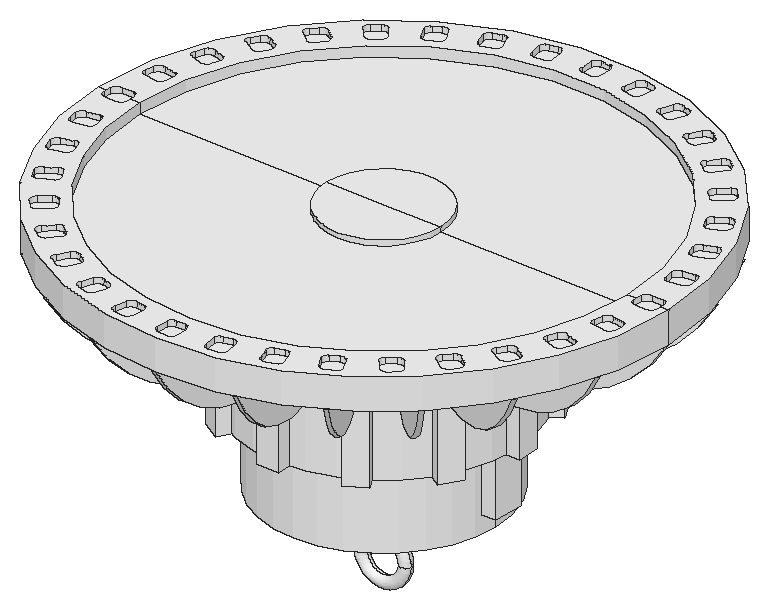
Revit family "CRB", category Lighting Fixtures, host Face, Revit 2014
Parameters (values of type "CRB-40MX")
  Product Category = "High Bay/Low Bay"  # constant formula
  Surface Width [instance] = 3.65"
  Warranty = "5-Years Warranty"  # constant formula
  Voltage = 120 V
  Type Comments = "Lighting Fixture"  # constant formula
  Product Page URL = "https://www.hubbell.com/hubbelllightingci/en/Products/Lighting-Controls/Industrial-Lighting/Bay-Lighting/CRB-Wet-Location-High-Bay/p/7977349"
  Product Documentation Link = "https://hubbellcdn.com/specsheet/COL_CRB_spec.pdf"
  Power Factor = 1
  Photometric Notes = "More IES files download on Photometric Link"  # constant formula
  Photometric Link = "https://www.hubbell.com/hubbelllightingci/en/Products/Lighting-Controls/Industrial-Lighting/Bay-Lighting/CRB-Wet-Location-High-Bay/p/7977349#prod-photometry-section"
  Wattage Comments = ""
  URL = "https://www.hubbell.com/hubbelllightingci/en"
  Mounting = "Pendant/Yoke Mount/ Suspended"  # constant formula
  Model = "Wer Location High Bay"  # constant formula
  Manufacturer = "Hubbell Industrial Lighting"  # constant formula
  MX = yes
  MV = no
  Load Classification = Lighting
  Lamp = "LED"  # constant formula
  LX = no
  LED = Hubbell - LED - Material
  Glass = Glass - Hubbell - White(1)
  Features = "• Compact wet location high bay\r\n• IP66 rated\r\n• Efficacy up to 143 lumens per watt\r\n• Durable die-cast aluminum housing and polycarbonate lens\r\n• Lumen packages from 14,000–34,000\r\n• 4000K and 5000K options and 80 CRI\r\n• -30°C to 50°C ambient operating temperature range"  # constant formula
  Dimming Protocol = "0-10V"  # constant formula
  Dia = 14.00"
  Description = "The CRB is a compact wet location high bay suitable for a variety of areas including warehouses, gyms, covered outdoor areas, garden centers, and mezzanines."  # constant formula
  Default Elevation = 48.00"
  Copyright = "Copyright © 2021 Hubbell Lighting "  # constant formula
  Controls = "Occupancy & Photocell"  # constant formula
  Contact Us = "https://www.hubbell.com/hubbelllightingci/en/contactUs"
  Color Rendering Inde (CRI) = "80"  # constant formula
  Certification = "All luminaires are built to UL1598 standards, and bear appropriate\r\ncULus labels for wet location/IP65"  # constant formula
  Housing Material = Paint - Hubbell - White
  Assembly Code = "D5020200"
  Application = "Industrial/Warehouse/Mezzanine/Garden Center/Big Box Retail/Auditorium/Gymnasium"  # constant formula
  Apparent Load = 0 VA
Reference planes (in)
  plane 1 "Center (Front/Back)": y = 8.62124
  plane 2: z = 0
  plane 3 "Center (Left/Right)": x = 0
  plane 4: z = 8.54
  plane 5: x = -7
  plane 6: x = 7
  plane 7: y = 1.62124
  plane 8: y = 15.62124
Dimensions and locks (in)
  plane 4 to plane 2 = 8.54"
  "Dia": plane 6 to plane 5
  equal spacing: plane 6, plane 3 "Center (Left/Right)", plane 5
  equal spacing: plane 8, plane 1 "Center (Front/Back)", plane 7
  "Dia": plane 8 to plane 7
  aligned and locked: plane 2 to host face
  aligned and locked: level to host face
  aligned and locked: plane 3 "Center (Left/Right)" to nested 1
  aligned and locked: plane 1 "Center (Front/Back)" to nested 1
  aligned and locked: plane 1 "Center (Front/Back)" to nested 2
  aligned and locked: plane 3 "Center (Left/Right)" to nested 3
  aligned and locked: plane 1 "Center (Front/Back)" to nested 3
Automatic sketch dimensions
  host sketch curve to host sketch curve = 96.00"  (x2)
Nested families (in)
  nested 1: "MX" at (0, 8.62124, 0), visible <- "MX", type "MX1"
  nested 2: "MV" at (-0.01736, 8.62124, 0), visible <- "MV", type "MV1"
  nested 3: "LX" at (0, 8.62124, -0.75), visible <- "LX", type "LX1"
Connectors (in)
  electrical at (-0.0111, 8.64272, 2.27766), driven by "Power Factor", driven by "Apparent Load", driven by "Voltage", driven by "Load Classification"
    settings: on nested 1, index 1, voltage 120 V, apparent load 0 VA, apparent load phase1 0 VA, apparent load phase2 0 VA, apparent load phase3 0 VA, power factor 1, load classification "Lighting", number of poles 1, system type 30, power factor state 1, is connector primary yes, connector utility no, sub classification motor no, connector description "Lighting Connector"
Definition of nested family "MX"
  Parameters (values of type "Family1")
    Wattage = 9.2903 W
    built-in parameter 1150110 = 1 (stored number, unit not read)
    built-in parameter 1114217 = 1 (stored number, unit not read)
    Tilt Angle = -90.00°
    built-in parameter 1150109 = 1 (stored number, unit not read)
    built-in parameter 1150134 = 3
    built-in parameter 1150113 = 1 (stored number, unit not read)
    Photometric Web File = "CRB-40MX-EDU.ies"
    built-in parameter 1150105 = 109.82 (stored number, unit not read)
    Lumens = 1380 lm
    built-in parameter 1150115 = 1 (stored number, unit not read)
    built-in parameter 1150137 = (empty or 0)
    built-in parameter 1150139 = (empty or 0)
    built-in parameter 1150112 = 1 (stored number, unit not read)
    built-in parameter 1150114 = 1 (stored number, unit not read)
    built-in parameter 1150132 = (empty or 0)
    built-in parameter 1150102 = (empty or 0)
    built-in parameter 1150107 = 3200 (stored number, unit not read)
    built-in parameter 1150138 = (empty or 0)
    built-in parameter 1150106 = 1.0982 (stored number, unit not read)
    Housing Material = Paint - Hubbell - White
    built-in parameter 1150104 = 13.8 (stored number, unit not read)
    Dimming Lamp Color Temperature Shift = (empty or 0)
    Color Filter = 16777215
    built-in parameter 1114218 = 1 (stored number, unit not read)
    built-in parameter 1150133 = 10 (stored number, unit not read)
  Reference planes (in)
    plane 1 "Center (Front/Back)": y = 0
    plane 2: z = 0
    plane 3 "Center (Left/Right)": x = 0
  Forms (in)
    Revolve 1, solid, material "Paint - Hubbell - White" <- "Housing Material"
      sketch origin (-0.0111, -8.59976, 0.66852) x (1, 0, 0) y (0, 1, 0)
        loop
          circle (0.54012, 8.62124) r 0.1406
        axis (0, 8.62124) -> (0, 8.58187)
      angle from 0 to 360
    Revolve 2, solid, material "Paint - Hubbell - White" <- "Housing Material"
      sketch origin (-0.0111, 0.02148, 0) x (1, 0, 0) y (0, 0, 1)
        loop
          line (0, 7.79) -> (7, 7.79) -> (7, 8.54) -> (6, 8.54) -> (6, 8.29) -> (1.40117, 8.29) -> (1.40117, 8.41275) -> (0, 8.41275) -> (0, 8.29) -> (0, 7.79)
        axis (0, 8.54) -> (0, 7.79)
      angle from 0 to 360
    Extrusion 3, solid, material "Paint - Hubbell - White" <- "Housing Material"
      sketch origin (-0.0111, -8.59976, 0) x (0, 1, 0) y (0, 0, 1)
        loop
          line (5.49624, 7.29) -> (5.4141, 7.29)
          arc (5.4141, 7.29) -> (3.9671, 7.41595) -> (2.56362, 7.79) r 8.37521
          line (2.56362, 7.79) -> (1.62124, 7.79)
          arc (1.62124, 7.79) -> (3.272, 6.27813) -> (5.49624, 6.0261) r 3.61991
          line (5.49624, 6.0261) -> (5.49624, 7.29)
      from -0.1 to 0
    Extrusion 4, solid, material "Paint - Hubbell - White" <- "Housing Material"
      sketch origin (2.22024, -8.306, 0) x (-0.258819, 0.965926, 0) y (0, 0, 1)
        loop
          line (5.49624, 7.29) -> (5.4141, 7.29)
          arc (5.4141, 7.29) -> (3.9671, 7.41595) -> (2.56362, 7.79) r 8.37521
          line (2.56362, 7.79) -> (1.62124, 7.79)
          arc (1.62124, 7.79) -> (3.272, 6.27813) -> (5.49624, 6.0261) r 3.61991
          line (5.49624, 6.0261) -> (5.49624, 7.29)
      from -0.1 to 0
    Extrusion 5, solid, material "Paint - Hubbell - White" <- "Housing Material"
      sketch origin (4.29952, -7.44473, 0) x (-0.5, 0.866025, 0) y (0, 0, 1)
        loop
          line (5.49624, 7.29) -> (5.4141, 7.29)
          arc (5.4141, 7.29) -> (3.9671, 7.41595) -> (2.56362, 7.79) r 8.37521
          line (2.56362, 7.79) -> (1.62124, 7.79)
          arc (1.62124, 7.79) -> (3.272, 6.27813) -> (5.49624, 6.0261) r 3.61991
          line (5.49624, 6.0261) -> (5.49624, 7.29)
      from -0.1 to 0
    Extrusion 6, solid, material "Paint - Hubbell - White" <- "Housing Material"
      sketch origin (6.08504, -6.07466, 0) x (-0.707107, 0.707107, 0) y (0, 0, 1)
        loop
          line (5.49624, 7.29) -> (5.4141, 7.29)
          arc (5.4141, 7.29) -> (3.9671, 7.41595) -> (2.56362, 7.79) r 8.37521
          line (2.56362, 7.79) -> (1.62124, 7.79)
          arc (1.62124, 7.79) -> (3.272, 6.27813) -> (5.49624, 6.0261) r 3.61991
          line (5.49624, 6.0261) -> (5.49624, 7.29)
      from -0.1 to 0
    Extrusion 7, solid, material "Paint - Hubbell - White" <- "Housing Material"
      sketch origin (6.08504, -6.07466, 0) x (-0.707107, 0.707107, 0) y (0, 0, 1)
        loop
          line (5.49624, 7.29) -> (5.4141, 7.29)
          arc (5.4141, 7.29) -> (3.9671, 7.41595) -> (2.56362, 7.79) r 8.37521
          line (2.56362, 7.79) -> (1.62124, 7.79)
          arc (1.62124, 7.79) -> (3.272, 6.27813) -> (5.49624, 6.0261) r 3.61991
          line (5.49624, 6.0261) -> (5.49624, 7.29)
      from -0.1 to 0
    Extrusion 8, solid, material "Paint - Hubbell - White" <- "Housing Material"
      sketch origin (7.45511, -4.28914, 0) x (-0.866025, 0.5, 0) y (0, 0, 1)
        loop
          line (5.49624, 7.29) -> (5.4141, 7.29)
          arc (5.4141, 7.29) -> (3.9671, 7.41595) -> (2.56362, 7.79) r 8.37521
          line (2.56362, 7.79) -> (1.62124, 7.79)
          arc (1.62124, 7.79) -> (3.272, 6.27813) -> (5.49624, 6.0261) r 3.61991
          line (5.49624, 6.0261) -> (5.49624, 7.29)
      from -0.1 to 0
    Extrusion 9, solid, material "Paint - Hubbell - White" <- "Housing Material"
      sketch origin (8.31638, -2.20986, 0) x (-0.965926, 0.258819, 0) y (0, 0, 1)
        loop
          line (5.49624, 7.29) -> (5.4141, 7.29)
          arc (5.4141, 7.29) -> (3.9671, 7.41595) -> (2.56362, 7.79) r 8.37521
          line (2.56362, 7.79) -> (1.62124, 7.79)
          arc (1.62124, 7.79) -> (3.272, 6.27813) -> (5.49624, 6.0261) r 3.61991
          line (5.49624, 6.0261) -> (5.49624, 7.29)
      from -0.1 to 0
    Extrusion 10, solid, material "Paint - Hubbell - White" <- "Housing Material"
      sketch origin (8.61014, 0.02148, 0) x (-1, 0, 0) y (0, 0, 1)
        loop
          line (5.49624, 7.29) -> (5.4141, 7.29)
          arc (5.4141, 7.29) -> (3.9671, 7.41595) -> (2.56362, 7.79) r 8.37521
          line (2.56362, 7.79) -> (1.62124, 7.79)
          arc (1.62124, 7.79) -> (3.272, 6.27813) -> (5.49624, 6.0261) r 3.61991
          line (5.49624, 6.0261) -> (5.49624, 7.29)
      from -0.1 to 0
    Extrusion 11, solid, material "Paint - Hubbell - White" <- "Housing Material"
      sketch origin (8.61014, 0.02148, 0) x (-1, 0, 0) y (0, 0, 1)
        loop
          line (5.49624, 7.29) -> (5.4141, 7.29)
          arc (5.4141, 7.29) -> (3.9671, 7.41595) -> (2.56362, 7.79) r 8.37521
          line (2.56362, 7.79) -> (1.62124, 7.79)
          arc (1.62124, 7.79) -> (3.272, 6.27813) -> (5.49624, 6.0261) r 3.61991
          line (5.49624, 6.0261) -> (5.49624, 7.29)
      from -0.1 to 0
    Extrusion 12, solid, material "Paint - Hubbell - White" <- "Housing Material"
      sketch origin (8.31638, 2.25282, 0) x (-0.965926, -0.258819, 0) y (0, 0, 1)
        loop
          line (5.49624, 7.29) -> (5.4141, 7.29)
          arc (5.4141, 7.29) -> (3.9671, 7.41595) -> (2.56362, 7.79) r 8.37521
          line (2.56362, 7.79) -> (1.62124, 7.79)
          arc (1.62124, 7.79) -> (3.272, 6.27813) -> (5.49624, 6.0261) r 3.61991
          line (5.49624, 6.0261) -> (5.49624, 7.29)
      from -0.1 to 0
    Extrusion 13, solid, material "Paint - Hubbell - White" <- "Housing Material"
      sketch origin (7.45511, 4.3321, 0) x (-0.866025, -0.5, 0) y (0, 0, 1)
        loop
          line (5.49624, 7.29) -> (5.4141, 7.29)
          arc (5.4141, 7.29) -> (3.9671, 7.41595) -> (2.56362, 7.79) r 8.37521
          line (2.56362, 7.79) -> (1.62124, 7.79)
          arc (1.62124, 7.79) -> (3.272, 6.27813) -> (5.49624, 6.0261) r 3.61991
          line (5.49624, 6.0261) -> (5.49624, 7.29)
      from -0.1 to 0
    Extrusion 14, solid, material "Paint - Hubbell - White" <- "Housing Material"
      sketch origin (6.08504, 6.11761, 0) x (-0.707107, -0.707107, 0) y (0, 0, 1)
        loop
          line (5.49624, 7.29) -> (5.4141, 7.29)
          arc (5.4141, 7.29) -> (3.9671, 7.41595) -> (2.56362, 7.79) r 8.37521
          line (2.56362, 7.79) -> (1.62124, 7.79)
          arc (1.62124, 7.79) -> (3.272, 6.27813) -> (5.49624, 6.0261) r 3.61991
          line (5.49624, 6.0261) -> (5.49624, 7.29)
      from -0.1 to 0
    Extrusion 15, solid, material "Paint - Hubbell - White" <- "Housing Material"
      sketch origin (6.08504, 6.11761, 0) x (-0.707107, -0.707107, 0) y (0, 0, 1)
        loop
          line (5.49624, 7.29) -> (5.4141, 7.29)
          arc (5.4141, 7.29) -> (3.9671, 7.41595) -> (2.56362, 7.79) r 8.37521
          line (2.56362, 7.79) -> (1.62124, 7.79)
          arc (1.62124, 7.79) -> (3.272, 6.27813) -> (5.49624, 6.0261) r 3.61991
          line (5.49624, 6.0261) -> (5.49624, 7.29)
      from -0.1 to 0
    Extrusion 16, solid, material "Paint - Hubbell - White" <- "Housing Material"
      sketch origin (4.29952, 7.48769, 0) x (-0.5, -0.866025, 0) y (0, 0, 1)
        loop
          line (5.49624, 7.29) -> (5.4141, 7.29)
          arc (5.4141, 7.29) -> (3.9671, 7.41595) -> (2.56362, 7.79) r 8.37521
          line (2.56362, 7.79) -> (1.62124, 7.79)
          arc (1.62124, 7.79) -> (3.272, 6.27813) -> (5.49624, 6.0261) r 3.61991
          line (5.49624, 6.0261) -> (5.49624, 7.29)
      from -0.1 to 0
    Extrusion 17, solid, material "Paint - Hubbell - White" <- "Housing Material"
      sketch origin (2.22024, 8.34895, 0) x (-0.258819, -0.965926, 0) y (0, 0, 1)
        loop
          line (5.49624, 7.29) -> (5.4141, 7.29)
          arc (5.4141, 7.29) -> (3.9671, 7.41595) -> (2.56362, 7.79) r 8.37521
          line (2.56362, 7.79) -> (1.62124, 7.79)
          arc (1.62124, 7.79) -> (3.272, 6.27813) -> (5.49624, 6.0261) r 3.61991
          line (5.49624, 6.0261) -> (5.49624, 7.29)
      from -0.1 to 0
    Extrusion 18, solid, material "Paint - Hubbell - White" <- "Housing Material"
      sketch origin (-0.0111, 8.64272, 0) x (0, -1, 0) y (0, 0, 1)
        loop
          line (5.49624, 7.29) -> (5.4141, 7.29)
          arc (5.4141, 7.29) -> (3.9671, 7.41595) -> (2.56362, 7.79) r 8.37521
          line (2.56362, 7.79) -> (1.62124, 7.79)
          arc (1.62124, 7.79) -> (3.272, 6.27813) -> (5.49624, 6.0261) r 3.61991
          line (5.49624, 6.0261) -> (5.49624, 7.29)
      from -0.1 to 0
    Extrusion 19, solid, material "Paint - Hubbell - White" <- "Housing Material"
      sketch origin (-2.24244, -8.306, 0) x (0.258819, 0.965926, 0) y (0, 0, -1)
        loop
          line (5.49624, -7.29) -> (5.49624, -6.0261)
          arc (5.49624, -6.0261) -> (3.272, -6.27813) -> (1.62124, -7.79) r 3.61991
          line (1.62124, -7.79) -> (2.56362, -7.79)
          arc (2.56362, -7.79) -> (3.9671, -7.41595) -> (5.4141, -7.29) r 8.37521
          line (5.4141, -7.29) -> (5.49624, -7.29)
      from -0.1 to 0
    Extrusion 20, solid, material "Paint - Hubbell - White" <- "Housing Material"
      sketch origin (-4.32172, -7.44473, 0) x (0.5, 0.866025, 0) y (0, 0, -1)
        loop
          line (5.49624, -7.29) -> (5.49624, -6.0261)
          arc (5.49624, -6.0261) -> (3.272, -6.27813) -> (1.62124, -7.79) r 3.61991
          line (1.62124, -7.79) -> (2.56362, -7.79)
          arc (2.56362, -7.79) -> (3.9671, -7.41595) -> (5.4141, -7.29) r 8.37521
          line (5.4141, -7.29) -> (5.49624, -7.29)
      from -0.1 to 0
    Extrusion 21, solid, material "Paint - Hubbell - White" <- "Housing Material"
      sketch origin (-6.10723, -6.07466, 0) x (0.707107, 0.707107, 0) y (0, 0, -1)
        loop
          line (5.49624, -7.29) -> (5.49624, -6.0261)
          arc (5.49624, -6.0261) -> (3.272, -6.27813) -> (1.62124, -7.79) r 3.61991
          line (1.62124, -7.79) -> (2.56362, -7.79)
          arc (2.56362, -7.79) -> (3.9671, -7.41595) -> (5.4141, -7.29) r 8.37521
          line (5.4141, -7.29) -> (5.49624, -7.29)
      from -0.1 to 0
    Extrusion 22, solid, material "Paint - Hubbell - White" <- "Housing Material"
      sketch origin (-6.10723, -6.07466, 0) x (0.707107, 0.707107, 0) y (0, 0, -1)
        loop
          line (5.49624, -7.29) -> (5.49624, -6.0261)
          arc (5.49624, -6.0261) -> (3.272, -6.27813) -> (1.62124, -7.79) r 3.61991
          line (1.62124, -7.79) -> (2.56362, -7.79)
          arc (2.56362, -7.79) -> (3.9671, -7.41595) -> (5.4141, -7.29) r 8.37521
          line (5.4141, -7.29) -> (5.49624, -7.29)
      from -0.1 to 0
    Extrusion 23, solid, material "Paint - Hubbell - White" <- "Housing Material"
      sketch origin (-7.47731, -4.28914, 0) x (0.866025, 0.5, 0) y (0, 0, -1)
        loop
          line (5.49624, -7.29) -> (5.49624, -6.0261)
          arc (5.49624, -6.0261) -> (3.272, -6.27813) -> (1.62124, -7.79) r 3.61991
          line (1.62124, -7.79) -> (2.56362, -7.79)
          arc (2.56362, -7.79) -> (3.9671, -7.41595) -> (5.4141, -7.29) r 8.37521
          line (5.4141, -7.29) -> (5.49624, -7.29)
      from -0.1 to 0
    Extrusion 24, solid, material "Paint - Hubbell - White" <- "Housing Material"
      sketch origin (-8.33857, -2.20986, 0) x (0.965926, 0.258819, 0) y (0, 0, -1)
        loop
          line (5.49624, -7.29) -> (5.49624, -6.0261)
          arc (5.49624, -6.0261) -> (3.272, -6.27813) -> (1.62124, -7.79) r 3.61991
          line (1.62124, -7.79) -> (2.56362, -7.79)
          arc (2.56362, -7.79) -> (3.9671, -7.41595) -> (5.4141, -7.29) r 8.37521
          line (5.4141, -7.29) -> (5.49624, -7.29)
      from -0.1 to 0
    Extrusion 25, solid, material "Paint - Hubbell - White" <- "Housing Material"
      sketch origin (-8.63233, 0.02148, 0) x (1, 0, 0) y (0, 0, -1)
        loop
          line (5.49624, -7.29) -> (5.49624, -6.0261)
          arc (5.49624, -6.0261) -> (3.272, -6.27813) -> (1.62124, -7.79) r 3.61991
          line (1.62124, -7.79) -> (2.56362, -7.79)
          arc (2.56362, -7.79) -> (3.9671, -7.41595) -> (5.4141, -7.29) r 8.37521
          line (5.4141, -7.29) -> (5.49624, -7.29)
      from -0.1 to 0
    Extrusion 26, solid, material "Paint - Hubbell - White" <- "Housing Material"
      sketch origin (-8.63233, 0.02148, 0) x (1, 0, 0) y (0, 0, -1)
        loop
          line (5.49624, -7.29) -> (5.49624, -6.0261)
          arc (5.49624, -6.0261) -> (3.272, -6.27813) -> (1.62124, -7.79) r 3.61991
          line (1.62124, -7.79) -> (2.56362, -7.79)
          arc (2.56362, -7.79) -> (3.9671, -7.41595) -> (5.4141, -7.29) r 8.37521
          line (5.4141, -7.29) -> (5.49624, -7.29)
      from -0.1 to 0
    Extrusion 27, solid, material "Paint - Hubbell - White" <- "Housing Material"
      sketch origin (-8.33857, 2.25282, 0) x (0.965926, -0.258819, 0) y (0, 0, -1)
        loop
          line (5.49624, -7.29) -> (5.49624, -6.0261)
          arc (5.49624, -6.0261) -> (3.272, -6.27813) -> (1.62124, -7.79) r 3.61991
          line (1.62124, -7.79) -> (2.56362, -7.79)
          arc (2.56362, -7.79) -> (3.9671, -7.41595) -> (5.4141, -7.29) r 8.37521
          line (5.4141, -7.29) -> (5.49624, -7.29)
      from -0.1 to 0
    Extrusion 28, solid, material "Paint - Hubbell - White" <- "Housing Material"
      sketch origin (-7.47731, 4.3321, 0) x (0.866025, -0.5, 0) y (0, 0, -1)
        loop
          line (5.49624, -7.29) -> (5.49624, -6.0261)
          arc (5.49624, -6.0261) -> (3.272, -6.27813) -> (1.62124, -7.79) r 3.61991
          line (1.62124, -7.79) -> (2.56362, -7.79)
          arc (2.56362, -7.79) -> (3.9671, -7.41595) -> (5.4141, -7.29) r 8.37521
          line (5.4141, -7.29) -> (5.49624, -7.29)
      from -0.1 to 0
    Extrusion 29, solid, material "Paint - Hubbell - White" <- "Housing Material"
      sketch origin (-6.10723, 6.11761, 0) x (0.707107, -0.707107, 0) y (0, 0, -1)
        loop
          line (5.49624, -7.29) -> (5.49624, -6.0261)
          arc (5.49624, -6.0261) -> (3.272, -6.27813) -> (1.62124, -7.79) r 3.61991
          line (1.62124, -7.79) -> (2.56362, -7.79)
          arc (2.56362, -7.79) -> (3.9671, -7.41595) -> (5.4141, -7.29) r 8.37521
          line (5.4141, -7.29) -> (5.49624, -7.29)
      from -0.1 to 0
    Extrusion 30, solid, material "Paint - Hubbell - White" <- "Housing Material"
      sketch origin (-6.10723, 6.11761, 0) x (0.707107, -0.707107, 0) y (0, 0, -1)
        loop
          line (5.49624, -7.29) -> (5.49624, -6.0261)
          arc (5.49624, -6.0261) -> (3.272, -6.27813) -> (1.62124, -7.79) r 3.61991
          line (1.62124, -7.79) -> (2.56362, -7.79)
          arc (2.56362, -7.79) -> (3.9671, -7.41595) -> (5.4141, -7.29) r 8.37521
          line (5.4141, -7.29) -> (5.49624, -7.29)
      from -0.1 to 0
    Extrusion 31, solid, material "Paint - Hubbell - White" <- "Housing Material"
      sketch origin (-4.32172, 7.48769, 0) x (0.5, -0.866025, 0) y (0, 0, -1)
        loop
          line (5.49624, -7.29) -> (5.49624, -6.0261)
          arc (5.49624, -6.0261) -> (3.272, -6.27813) -> (1.62124, -7.79) r 3.61991
          line (1.62124, -7.79) -> (2.56362, -7.79)
          arc (2.56362, -7.79) -> (3.9671, -7.41595) -> (5.4141, -7.29) r 8.37521
          line (5.4141, -7.29) -> (5.49624, -7.29)
      from -0.1 to 0
    Extrusion 32, solid, material "Paint - Hubbell - White" <- "Housing Material"
      sketch origin (-2.24244, 8.34895, 0) x (0.258819, -0.965926, 0) y (0, 0, -1)
        loop
          line (5.49624, -7.29) -> (5.49624, -6.0261)
          arc (5.49624, -6.0261) -> (3.272, -6.27813) -> (1.62124, -7.79) r 3.61991
          line (1.62124, -7.79) -> (2.56362, -7.79)
          arc (2.56362, -7.79) -> (3.9671, -7.41595) -> (5.4141, -7.29) r 8.37521
          line (5.4141, -7.29) -> (5.49624, -7.29)
      from -0.1 to 0
    Revolve 33, solid, material "Paint - Hubbell - White" <- "Housing Material"
      sketch origin (-0.0111, 0.02148, 0) x (1, 0, 0) y (0, 0, 1)
        loop
          line (0, 1.06954) -> (0.23886, 1.06954) -> (0.5, 1.52186) -> (0.5, 2.27766) -> (2.75, 2.27766) -> (2.75, 4.16254) -> (3.25, 4.16254) -> (3.25, 7.75) -> (0, 7.75) -> (0, 1.06954)
        axis (0, 7.75) -> (0, 1.06954)
      angle from 0 to 360
    Extrusion 34, void
      sketch origin (-0.0111, -8.59976, 0) x (1, 0, 0) y (0, 1, 0)
        loop
          arc (-0.12065, 2.39636) -> (-0.21391, 2.35773) -> (-0.25254, 2.26447) r 0.13189
          line (-0.25254, 2.26447) -> (-0.25254, 1.97534)
          arc (-0.25254, 1.97534) -> (-0.20608, 1.86318) -> (-0.09392, 1.81672) r 0.15862
          line (-0.09392, 1.81672) -> (0.10853, 1.81672)
          arc (0.10853, 1.81672) -> (0.20677, 1.85741) -> (0.24746, 1.95565) r 0.13893
          line (0.24746, 1.95565) -> (0.24746, 2.24592)
          arc (0.24746, 2.24592) -> (0.20339, 2.3523) -> (0.09701, 2.39636) r 0.15044
          line (0.09701, 2.39636) -> (-0.12065, 2.39636)
      from 8.41275 to 8.54
    Extrusion 35, void
      sketch origin (1.48596, -8.46878, 0) x (0.984808, 0.173648, 0) y (-0.173648, 0.984808, 0)
        loop
          arc (-0.12065, 2.39636) -> (-0.21391, 2.35773) -> (-0.25254, 2.26447) r 0.13189
          line (-0.25254, 2.26447) -> (-0.25254, 1.97534)
          arc (-0.25254, 1.97534) -> (-0.20608, 1.86318) -> (-0.09392, 1.81672) r 0.15862
          line (-0.09392, 1.81672) -> (0.10853, 1.81672)
          arc (0.10853, 1.81672) -> (0.20677, 1.85741) -> (0.24746, 1.95565) r 0.13893
          line (0.24746, 1.95565) -> (0.24746, 2.24592)
          arc (0.24746, 2.24592) -> (0.20339, 2.3523) -> (0.09701, 2.39636) r 0.15044
          line (0.09701, 2.39636) -> (-0.12065, 2.39636)
      from 8.41275 to 8.54
    Extrusion 36, void
      sketch origin (2.93754, -8.07983, 0) x (0.939693, 0.34202, 0) y (-0.34202, 0.939693, 0)
        loop
          arc (-0.12065, 2.39636) -> (-0.21391, 2.35773) -> (-0.25254, 2.26447) r 0.13189
          line (-0.25254, 2.26447) -> (-0.25254, 1.97534)
          arc (-0.25254, 1.97534) -> (-0.20608, 1.86318) -> (-0.09392, 1.81672) r 0.15862
          line (-0.09392, 1.81672) -> (0.10853, 1.81672)
          arc (0.10853, 1.81672) -> (0.20677, 1.85741) -> (0.24746, 1.95565) r 0.13893
          line (0.24746, 1.95565) -> (0.24746, 2.24592)
          arc (0.24746, 2.24592) -> (0.20339, 2.3523) -> (0.09701, 2.39636) r 0.15044
          line (0.09701, 2.39636) -> (-0.12065, 2.39636)
      from 8.41275 to 8.54
    Extrusion 37, void
      sketch origin (4.29952, -7.44473, 0) x (0.866025, 0.5, 0) y (-0.5, 0.866025, 0)
        loop
          arc (-0.12065, 2.39636) -> (-0.21391, 2.35773) -> (-0.25254, 2.26447) r 0.13189
          line (-0.25254, 2.26447) -> (-0.25254, 1.97534)
          arc (-0.25254, 1.97534) -> (-0.20608, 1.86318) -> (-0.09392, 1.81672) r 0.15862
          line (-0.09392, 1.81672) -> (0.10853, 1.81672)
          arc (0.10853, 1.81672) -> (0.20677, 1.85741) -> (0.24746, 1.95565) r 0.13893
          line (0.24746, 1.95565) -> (0.24746, 2.24592)
          arc (0.24746, 2.24592) -> (0.20339, 2.3523) -> (0.09701, 2.39636) r 0.15044
          line (0.09701, 2.39636) -> (-0.12065, 2.39636)
      from 8.41275 to 8.54
    Extrusion 38, void
      sketch origin (5.53053, -6.58277, 0) x (0.766044, 0.642788, 0) y (-0.642788, 0.766044, 0)
        loop
          arc (-0.12065, 2.39636) -> (-0.21391, 2.35773) -> (-0.25254, 2.26447) r 0.13189
          line (-0.25254, 2.26447) -> (-0.25254, 1.97534)
          arc (-0.25254, 1.97534) -> (-0.20608, 1.86318) -> (-0.09392, 1.81672) r 0.15862
          line (-0.09392, 1.81672) -> (0.10853, 1.81672)
          arc (0.10853, 1.81672) -> (0.20677, 1.85741) -> (0.24746, 1.95565) r 0.13893
          line (0.24746, 1.95565) -> (0.24746, 2.24592)
          arc (0.24746, 2.24592) -> (0.20339, 2.3523) -> (0.09701, 2.39636) r 0.15044
          line (0.09701, 2.39636) -> (-0.12065, 2.39636)
      from 8.41275 to 8.54
    Extrusion 39, void
      sketch origin (6.59315, -5.52014, 0) x (0.642788, 0.766044, 0) y (-0.766044, 0.642788, 0)
        loop
          arc (-0.12065, 2.39636) -> (-0.21391, 2.35773) -> (-0.25254, 2.26447) r 0.13189
          line (-0.25254, 2.26447) -> (-0.25254, 1.97534)
          arc (-0.25254, 1.97534) -> (-0.20608, 1.86318) -> (-0.09392, 1.81672) r 0.15862
          line (-0.09392, 1.81672) -> (0.10853, 1.81672)
          arc (0.10853, 1.81672) -> (0.20677, 1.85741) -> (0.24746, 1.95565) r 0.13893
          line (0.24746, 1.95565) -> (0.24746, 2.24592)
          arc (0.24746, 2.24592) -> (0.20339, 2.3523) -> (0.09701, 2.39636) r 0.15044
          line (0.09701, 2.39636) -> (-0.12065, 2.39636)
      from 8.41275 to 8.54
    Extrusion 40, void
      sketch origin (7.45511, -4.28914, 0) x (0.5, 0.866025, 0) y (-0.866025, 0.5, 0)
        loop
          arc (-0.12065, 2.39636) -> (-0.21391, 2.35773) -> (-0.25254, 2.26447) r 0.13189
          line (-0.25254, 2.26447) -> (-0.25254, 1.97534)
          arc (-0.25254, 1.97534) -> (-0.20608, 1.86318) -> (-0.09392, 1.81672) r 0.15862
          line (-0.09392, 1.81672) -> (0.10853, 1.81672)
          arc (0.10853, 1.81672) -> (0.20677, 1.85741) -> (0.24746, 1.95565) r 0.13893
          line (0.24746, 1.95565) -> (0.24746, 2.24592)
          arc (0.24746, 2.24592) -> (0.20339, 2.3523) -> (0.09701, 2.39636) r 0.15044
          line (0.09701, 2.39636) -> (-0.12065, 2.39636)
      from 8.41275 to 8.54
    Extrusion 41, void
      sketch origin (8.09021, -2.92716, 0) x (0.34202, 0.939693, 0) y (-0.939693, 0.34202, 0)
        loop
          arc (-0.12065, 2.39636) -> (-0.21391, 2.35773) -> (-0.25254, 2.26447) r 0.13189
          line (-0.25254, 2.26447) -> (-0.25254, 1.97534)
          arc (-0.25254, 1.97534) -> (-0.20608, 1.86318) -> (-0.09392, 1.81672) r 0.15862
          line (-0.09392, 1.81672) -> (0.10853, 1.81672)
          arc (0.10853, 1.81672) -> (0.20677, 1.85741) -> (0.24746, 1.95565) r 0.13893
          line (0.24746, 1.95565) -> (0.24746, 2.24592)
          arc (0.24746, 2.24592) -> (0.20339, 2.3523) -> (0.09701, 2.39636) r 0.15044
          line (0.09701, 2.39636) -> (-0.12065, 2.39636)
      from 8.41275 to 8.54
    Extrusion 42, void
      sketch origin (7.45511, -4.28914, 0) x (0.5, 0.866025, 0) y (-0.866025, 0.5, 0)
        loop
          arc (-0.12065, 2.39636) -> (-0.21391, 2.35773) -> (-0.25254, 2.26447) r 0.13189
          line (-0.25254, 2.26447) -> (-0.25254, 1.97534)
          arc (-0.25254, 1.97534) -> (-0.20608, 1.86318) -> (-0.09392, 1.81672) r 0.15862
          line (-0.09392, 1.81672) -> (0.10853, 1.81672)
          arc (0.10853, 1.81672) -> (0.20677, 1.85741) -> (0.24746, 1.95565) r 0.13893
          line (0.24746, 1.95565) -> (0.24746, 2.24592)
          arc (0.24746, 2.24592) -> (0.20339, 2.3523) -> (0.09701, 2.39636) r 0.15044
          line (0.09701, 2.39636) -> (-0.12065, 2.39636)
      from 8.41275 to 8.54
    Extrusion 43, void
      sketch origin (8.09021, -2.92716, 0) x (0.34202, 0.939693, 0) y (-0.939693, 0.34202, 0)
        loop
          arc (-0.12065, 2.39636) -> (-0.21391, 2.35773) -> (-0.25254, 2.26447) r 0.13189
          line (-0.25254, 2.26447) -> (-0.25254, 1.97534)
          arc (-0.25254, 1.97534) -> (-0.20608, 1.86318) -> (-0.09392, 1.81672) r 0.15862
          line (-0.09392, 1.81672) -> (0.10853, 1.81672)
          arc (0.10853, 1.81672) -> (0.20677, 1.85741) -> (0.24746, 1.95565) r 0.13893
          line (0.24746, 1.95565) -> (0.24746, 2.24592)
          arc (0.24746, 2.24592) -> (0.20339, 2.3523) -> (0.09701, 2.39636) r 0.15044
          line (0.09701, 2.39636) -> (-0.12065, 2.39636)
      from 8.41275 to 8.54
    Extrusion 44, void
      sketch origin (8.47916, -1.47558, 0) x (0.173648, 0.984808, 0) y (-0.984808, 0.173648, 0)
        loop
          arc (-0.12065, 2.39636) -> (-0.21391, 2.35773) -> (-0.25254, 2.26447) r 0.13189
          line (-0.25254, 2.26447) -> (-0.25254, 1.97534)
          arc (-0.25254, 1.97534) -> (-0.20608, 1.86318) -> (-0.09392, 1.81672) r 0.15862
          line (-0.09392, 1.81672) -> (0.10853, 1.81672)
          arc (0.10853, 1.81672) -> (0.20677, 1.85741) -> (0.24746, 1.95565) r 0.13893
          line (0.24746, 1.95565) -> (0.24746, 2.24592)
          arc (0.24746, 2.24592) -> (0.20339, 2.3523) -> (0.09701, 2.39636) r 0.15044
          line (0.09701, 2.39636) -> (-0.12065, 2.39636)
      from 8.41275 to 8.54
    Extrusion 45, void
      sketch origin (8.61014, 0.02148, 0) x (0, 1, 0) y (-1, 0, 0)
        loop
          arc (-0.12065, 2.39636) -> (-0.21391, 2.35773) -> (-0.25254, 2.26447) r 0.13189
          line (-0.25254, 2.26447) -> (-0.25254, 1.97534)
          arc (-0.25254, 1.97534) -> (-0.20608, 1.86318) -> (-0.09392, 1.81672) r 0.15862
          line (-0.09392, 1.81672) -> (0.10853, 1.81672)
          arc (0.10853, 1.81672) -> (0.20677, 1.85741) -> (0.24746, 1.95565) r 0.13893
          line (0.24746, 1.95565) -> (0.24746, 2.24592)
          arc (0.24746, 2.24592) -> (0.20339, 2.3523) -> (0.09701, 2.39636) r 0.15044
          line (0.09701, 2.39636) -> (-0.12065, 2.39636)
      from 8.41275 to 8.54
    Extrusion 46, void
      sketch origin (8.47916, 1.51854, 0) x (-0.173648, 0.984808, 0) y (-0.984808, -0.173648, 0)
        loop
          arc (-0.12065, 2.39636) -> (-0.21391, 2.35773) -> (-0.25254, 2.26447) r 0.13189
          line (-0.25254, 2.26447) -> (-0.25254, 1.97534)
          arc (-0.25254, 1.97534) -> (-0.20608, 1.86318) -> (-0.09392, 1.81672) r 0.15862
          line (-0.09392, 1.81672) -> (0.10853, 1.81672)
          arc (0.10853, 1.81672) -> (0.20677, 1.85741) -> (0.24746, 1.95565) r 0.13893
          line (0.24746, 1.95565) -> (0.24746, 2.24592)
          arc (0.24746, 2.24592) -> (0.20339, 2.3523) -> (0.09701, 2.39636) r 0.15044
          line (0.09701, 2.39636) -> (-0.12065, 2.39636)
      from 8.41275 to 8.54
    Extrusion 47, void
      sketch origin (8.09021, 2.97012, 0) x (-0.34202, 0.939693, 0) y (-0.939693, -0.34202, 0)
        loop
          arc (-0.12065, 2.39636) -> (-0.21391, 2.35773) -> (-0.25254, 2.26447) r 0.13189
          line (-0.25254, 2.26447) -> (-0.25254, 1.97534)
          arc (-0.25254, 1.97534) -> (-0.20608, 1.86318) -> (-0.09392, 1.81672) r 0.15862
          line (-0.09392, 1.81672) -> (0.10853, 1.81672)
          arc (0.10853, 1.81672) -> (0.20677, 1.85741) -> (0.24746, 1.95565) r 0.13893
          line (0.24746, 1.95565) -> (0.24746, 2.24592)
          arc (0.24746, 2.24592) -> (0.20339, 2.3523) -> (0.09701, 2.39636) r 0.15044
          line (0.09701, 2.39636) -> (-0.12065, 2.39636)
      from 8.41275 to 8.54
    Extrusion 48, void
      sketch origin (7.45511, 4.3321, 0) x (-0.5, 0.866025, 0) y (-0.866025, -0.5, 0)
        loop
          arc (-0.12065, 2.39636) -> (-0.21391, 2.35773) -> (-0.25254, 2.26447) r 0.13189
          line (-0.25254, 2.26447) -> (-0.25254, 1.97534)
          arc (-0.25254, 1.97534) -> (-0.20608, 1.86318) -> (-0.09392, 1.81672) r 0.15862
          line (-0.09392, 1.81672) -> (0.10853, 1.81672)
          arc (0.10853, 1.81672) -> (0.20677, 1.85741) -> (0.24746, 1.95565) r 0.13893
          line (0.24746, 1.95565) -> (0.24746, 2.24592)
          arc (0.24746, 2.24592) -> (0.20339, 2.3523) -> (0.09701, 2.39636) r 0.15044
          line (0.09701, 2.39636) -> (-0.12065, 2.39636)
      from 8.41275 to 8.54
    Extrusion 49, void
      sketch origin (6.59315, 5.5631, 0) x (-0.642788, 0.766044, 0) y (-0.766044, -0.642788, 0)
        loop
          arc (-0.12065, 2.39636) -> (-0.21391, 2.35773) -> (-0.25254, 2.26447) r 0.13189
          line (-0.25254, 2.26447) -> (-0.25254, 1.97534)
          arc (-0.25254, 1.97534) -> (-0.20608, 1.86318) -> (-0.09392, 1.81672) r 0.15862
          line (-0.09392, 1.81672) -> (0.10853, 1.81672)
          arc (0.10853, 1.81672) -> (0.20677, 1.85741) -> (0.24746, 1.95565) r 0.13893
          line (0.24746, 1.95565) -> (0.24746, 2.24592)
          arc (0.24746, 2.24592) -> (0.20339, 2.3523) -> (0.09701, 2.39636) r 0.15044
          line (0.09701, 2.39636) -> (-0.12065, 2.39636)
      from 8.41275 to 8.54
    Extrusion 50, void
      sketch origin (-0.0111, 8.64272, 0) x (-1, 0, 0) y (0, -1, 0)
        loop
          arc (-0.12065, 2.39636) -> (-0.21391, 2.35773) -> (-0.25254, 2.26447) r 0.13189
          line (-0.25254, 2.26447) -> (-0.25254, 1.97534)
          arc (-0.25254, 1.97534) -> (-0.20608, 1.86318) -> (-0.09392, 1.81672) r 0.15862
          line (-0.09392, 1.81672) -> (0.10853, 1.81672)
          arc (0.10853, 1.81672) -> (0.20677, 1.85741) -> (0.24746, 1.95565) r 0.13893
          line (0.24746, 1.95565) -> (0.24746, 2.24592)
          arc (0.24746, 2.24592) -> (0.20339, 2.3523) -> (0.09701, 2.39636) r 0.15044
          line (0.09701, 2.39636) -> (-0.12065, 2.39636)
      from 8.41275 to 8.54
    Extrusion 51, void
      sketch origin (-1.50816, 8.51174, 0) x (-0.984808, -0.173648, 0) y (0.173648, -0.984808, 0)
        loop
          arc (-0.12065, 2.39636) -> (-0.21391, 2.35773) -> (-0.25254, 2.26447) r 0.13189
          line (-0.25254, 2.26447) -> (-0.25254, 1.97534)
          arc (-0.25254, 1.97534) -> (-0.20608, 1.86318) -> (-0.09392, 1.81672) r 0.15862
          line (-0.09392, 1.81672) -> (0.10853, 1.81672)
          arc (0.10853, 1.81672) -> (0.20677, 1.85741) -> (0.24746, 1.95565) r 0.13893
          line (0.24746, 1.95565) -> (0.24746, 2.24592)
          arc (0.24746, 2.24592) -> (0.20339, 2.3523) -> (0.09701, 2.39636) r 0.15044
          line (0.09701, 2.39636) -> (-0.12065, 2.39636)
      from 8.41275 to 8.54
    Extrusion 52, void
      sketch origin (-2.95973, 8.12279, 0) x (-0.939693, -0.34202, 0) y (0.34202, -0.939693, 0)
        loop
          arc (-0.12065, 2.39636) -> (-0.21391, 2.35773) -> (-0.25254, 2.26447) r 0.13189
          line (-0.25254, 2.26447) -> (-0.25254, 1.97534)
          arc (-0.25254, 1.97534) -> (-0.20608, 1.86318) -> (-0.09392, 1.81672) r 0.15862
          line (-0.09392, 1.81672) -> (0.10853, 1.81672)
          arc (0.10853, 1.81672) -> (0.20677, 1.85741) -> (0.24746, 1.95565) r 0.13893
          line (0.24746, 1.95565) -> (0.24746, 2.24592)
          arc (0.24746, 2.24592) -> (0.20339, 2.3523) -> (0.09701, 2.39636) r 0.15044
          line (0.09701, 2.39636) -> (-0.12065, 2.39636)
      from 8.41275 to 8.54
    Extrusion 53, void
      sketch origin (-4.32172, 7.48769, 0) x (-0.866025, -0.5, 0) y (0.5, -0.866025, 0)
        loop
          arc (-0.12065, 2.39636) -> (-0.21391, 2.35773) -> (-0.25254, 2.26447) r 0.13189
          line (-0.25254, 2.26447) -> (-0.25254, 1.97534)
          arc (-0.25254, 1.97534) -> (-0.20608, 1.86318) -> (-0.09392, 1.81672) r 0.15862
          line (-0.09392, 1.81672) -> (0.10853, 1.81672)
          arc (0.10853, 1.81672) -> (0.20677, 1.85741) -> (0.24746, 1.95565) r 0.13893
          line (0.24746, 1.95565) -> (0.24746, 2.24592)
          arc (0.24746, 2.24592) -> (0.20339, 2.3523) -> (0.09701, 2.39636) r 0.15044
          line (0.09701, 2.39636) -> (-0.12065, 2.39636)
      from 8.41275 to 8.54
    Extrusion 54, void
      sketch origin (-5.55272, 6.62573, 0) x (-0.766044, -0.642788, 0) y (0.642788, -0.766044, 0)
        loop
          arc (-0.12065, 2.39636) -> (-0.21391, 2.35773) -> (-0.25254, 2.26447) r 0.13189
          line (-0.25254, 2.26447) -> (-0.25254, 1.97534)
          arc (-0.25254, 1.97534) -> (-0.20608, 1.86318) -> (-0.09392, 1.81672) r 0.15862
          line (-0.09392, 1.81672) -> (0.10853, 1.81672)
          arc (0.10853, 1.81672) -> (0.20677, 1.85741) -> (0.24746, 1.95565) r 0.13893
          line (0.24746, 1.95565) -> (0.24746, 2.24592)
          arc (0.24746, 2.24592) -> (0.20339, 2.3523) -> (0.09701, 2.39636) r 0.15044
          line (0.09701, 2.39636) -> (-0.12065, 2.39636)
      from 8.41275 to 8.54
    Extrusion 55, void
      sketch origin (-6.61535, 5.5631, 0) x (-0.642788, -0.766044, 0) y (0.766044, -0.642788, 0)
        loop
          arc (-0.12065, 2.39636) -> (-0.21391, 2.35773) -> (-0.25254, 2.26447) r 0.13189
          line (-0.25254, 2.26447) -> (-0.25254, 1.97534)
          arc (-0.25254, 1.97534) -> (-0.20608, 1.86318) -> (-0.09392, 1.81672) r 0.15862
          line (-0.09392, 1.81672) -> (0.10853, 1.81672)
          arc (0.10853, 1.81672) -> (0.20677, 1.85741) -> (0.24746, 1.95565) r 0.13893
          line (0.24746, 1.95565) -> (0.24746, 2.24592)
          arc (0.24746, 2.24592) -> (0.20339, 2.3523) -> (0.09701, 2.39636) r 0.15044
          line (0.09701, 2.39636) -> (-0.12065, 2.39636)
      from 8.41275 to 8.54
    Extrusion 56, void
      sketch origin (-7.47731, 4.3321, 0) x (-0.5, -0.866025, 0) y (0.866025, -0.5, 0)
        loop
          arc (-0.12065, 2.39636) -> (-0.21391, 2.35773) -> (-0.25254, 2.26447) r 0.13189
          line (-0.25254, 2.26447) -> (-0.25254, 1.97534)
          arc (-0.25254, 1.97534) -> (-0.20608, 1.86318) -> (-0.09392, 1.81672) r 0.15862
          line (-0.09392, 1.81672) -> (0.10853, 1.81672)
          arc (0.10853, 1.81672) -> (0.20677, 1.85741) -> (0.24746, 1.95565) r 0.13893
          line (0.24746, 1.95565) -> (0.24746, 2.24592)
          arc (0.24746, 2.24592) -> (0.20339, 2.3523) -> (0.09701, 2.39636) r 0.15044
          line (0.09701, 2.39636) -> (-0.12065, 2.39636)
      from 8.41275 to 8.54
    Extrusion 57, void
      sketch origin (-8.11241, 2.97012, 0) x (-0.34202, -0.939693, 0) y (0.939693, -0.34202, 0)
        loop
          arc (-0.12065, 2.39636) -> (-0.21391, 2.35773) -> (-0.25254, 2.26447) r 0.13189
          line (-0.25254, 2.26447) -> (-0.25254, 1.97534)
          arc (-0.25254, 1.97534) -> (-0.20608, 1.86318) -> (-0.09392, 1.81672) r 0.15862
          line (-0.09392, 1.81672) -> (0.10853, 1.81672)
          arc (0.10853, 1.81672) -> (0.20677, 1.85741) -> (0.24746, 1.95565) r 0.13893
          line (0.24746, 1.95565) -> (0.24746, 2.24592)
          arc (0.24746, 2.24592) -> (0.20339, 2.3523) -> (0.09701, 2.39636) r 0.15044
          line (0.09701, 2.39636) -> (-0.12065, 2.39636)
      from 8.41275 to 8.54
    Extrusion 58, void
      sketch origin (-8.50136, 1.51854, 0) x (-0.173648, -0.984808, 0) y (0.984808, -0.173648, 0)
        loop
          arc (-0.12065, 2.39636) -> (-0.21391, 2.35773) -> (-0.25254, 2.26447) r 0.13189
          line (-0.25254, 2.26447) -> (-0.25254, 1.97534)
          arc (-0.25254, 1.97534) -> (-0.20608, 1.86318) -> (-0.09392, 1.81672) r 0.15862
          line (-0.09392, 1.81672) -> (0.10853, 1.81672)
          arc (0.10853, 1.81672) -> (0.20677, 1.85741) -> (0.24746, 1.95565) r 0.13893
          line (0.24746, 1.95565) -> (0.24746, 2.24592)
          arc (0.24746, 2.24592) -> (0.20339, 2.3523) -> (0.09701, 2.39636) r 0.15044
          line (0.09701, 2.39636) -> (-0.12065, 2.39636)
      from 8.41275 to 8.54
    Extrusion 59, void
      sketch origin (-8.63233, 0.02148, 0) x (0, -1, 0) y (1, 0, 0)
        loop
          arc (-0.12065, 2.39636) -> (-0.21391, 2.35773) -> (-0.25254, 2.26447) r 0.13189
          line (-0.25254, 2.26447) -> (-0.25254, 1.97534)
          arc (-0.25254, 1.97534) -> (-0.20608, 1.86318) -> (-0.09392, 1.81672) r 0.15862
          line (-0.09392, 1.81672) -> (0.10853, 1.81672)
          arc (0.10853, 1.81672) -> (0.20677, 1.85741) -> (0.24746, 1.95565) r 0.13893
          line (0.24746, 1.95565) -> (0.24746, 2.24592)
          arc (0.24746, 2.24592) -> (0.20339, 2.3523) -> (0.09701, 2.39636) r 0.15044
          line (0.09701, 2.39636) -> (-0.12065, 2.39636)
      from 8.41275 to 8.54
    Extrusion 60, void
      sketch origin (-8.50136, -1.47558, 0) x (0.173648, -0.984808, 0) y (0.984808, 0.173648, 0)
        loop
          arc (-0.12065, 2.39636) -> (-0.21391, 2.35773) -> (-0.25254, 2.26447) r 0.13189
          line (-0.25254, 2.26447) -> (-0.25254, 1.97534)
          arc (-0.25254, 1.97534) -> (-0.20608, 1.86318) -> (-0.09392, 1.81672) r 0.15862
          line (-0.09392, 1.81672) -> (0.10853, 1.81672)
          arc (0.10853, 1.81672) -> (0.20677, 1.85741) -> (0.24746, 1.95565) r 0.13893
          line (0.24746, 1.95565) -> (0.24746, 2.24592)
          arc (0.24746, 2.24592) -> (0.20339, 2.3523) -> (0.09701, 2.39636) r 0.15044
          line (0.09701, 2.39636) -> (-0.12065, 2.39636)
      from 8.41275 to 8.54
    Extrusion 61, void
      sketch origin (-8.11241, -2.92716, 0) x (0.34202, -0.939693, 0) y (0.939693, 0.34202, 0)
        loop
          arc (-0.12065, 2.39636) -> (-0.21391, 2.35773) -> (-0.25254, 2.26447) r 0.13189
          line (-0.25254, 2.26447) -> (-0.25254, 1.97534)
          arc (-0.25254, 1.97534) -> (-0.20608, 1.86318) -> (-0.09392, 1.81672) r 0.15862
          line (-0.09392, 1.81672) -> (0.10853, 1.81672)
          arc (0.10853, 1.81672) -> (0.20677, 1.85741) -> (0.24746, 1.95565) r 0.13893
          line (0.24746, 1.95565) -> (0.24746, 2.24592)
          arc (0.24746, 2.24592) -> (0.20339, 2.3523) -> (0.09701, 2.39636) r 0.15044
          line (0.09701, 2.39636) -> (-0.12065, 2.39636)
      from 8.41275 to 8.54
    Extrusion 62, void
      sketch origin (-7.47731, -4.28914, 0) x (0.5, -0.866025, 0) y (0.866025, 0.5, 0)
        loop
          arc (-0.12065, 2.39636) -> (-0.21391, 2.35773) -> (-0.25254, 2.26447) r 0.13189
          line (-0.25254, 2.26447) -> (-0.25254, 1.97534)
          arc (-0.25254, 1.97534) -> (-0.20608, 1.86318) -> (-0.09392, 1.81672) r 0.15862
          line (-0.09392, 1.81672) -> (0.10853, 1.81672)
          arc (0.10853, 1.81672) -> (0.20677, 1.85741) -> (0.24746, 1.95565) r 0.13893
          line (0.24746, 1.95565) -> (0.24746, 2.24592)
          arc (0.24746, 2.24592) -> (0.20339, 2.3523) -> (0.09701, 2.39636) r 0.15044
          line (0.09701, 2.39636) -> (-0.12065, 2.39636)
      from 8.41275 to 8.54
    Extrusion 63, void
      sketch origin (-6.61535, -5.52014, 0) x (0.642788, -0.766044, 0) y (0.766044, 0.642788, 0)
        loop
          arc (-0.12065, 2.39636) -> (-0.21391, 2.35773) -> (-0.25254, 2.26447) r 0.13189
          line (-0.25254, 2.26447) -> (-0.25254, 1.97534)
          arc (-0.25254, 1.97534) -> (-0.20608, 1.86318) -> (-0.09392, 1.81672) r 0.15862
          line (-0.09392, 1.81672) -> (0.10853, 1.81672)
          arc (0.10853, 1.81672) -> (0.20677, 1.85741) -> (0.24746, 1.95565) r 0.13893
          line (0.24746, 1.95565) -> (0.24746, 2.24592)
          arc (0.24746, 2.24592) -> (0.20339, 2.3523) -> (0.09701, 2.39636) r 0.15044
          line (0.09701, 2.39636) -> (-0.12065, 2.39636)
      from 8.41275 to 8.54
    Extrusion 64, void
      sketch origin (1.48596, 8.51174, 0) x (0.984808, -0.173648, 0) y (0.173648, 0.984808, 0)
        loop
          line (-0.12065, -2.39636) -> (0.09701, -2.39636)
          arc (0.09701, -2.39636) -> (0.20339, -2.3523) -> (0.24746, -2.24592) r 0.15044
          line (0.24746, -2.24592) -> (0.24746, -1.95565)
          arc (0.24746, -1.95565) -> (0.20677, -1.85741) -> (0.10853, -1.81672) r 0.13893
          line (0.10853, -1.81672) -> (-0.09392, -1.81672)
          arc (-0.09392, -1.81672) -> (-0.20608, -1.86318) -> (-0.25254, -1.97534) r 0.15862
          line (-0.25254, -1.97534) -> (-0.25254, -2.26447)
          arc (-0.25254, -2.26447) -> (-0.21391, -2.35773) -> (-0.12065, -2.39636) r 0.13189
      from 8.41275 to 8.54
    Extrusion 65, void
      sketch origin (2.93754, 8.12279, 0) x (0.939693, -0.34202, 0) y (0.34202, 0.939693, 0)
        loop
          line (-0.12065, -2.39636) -> (0.09701, -2.39636)
          arc (0.09701, -2.39636) -> (0.20339, -2.3523) -> (0.24746, -2.24592) r 0.15044
          line (0.24746, -2.24592) -> (0.24746, -1.95565)
          arc (0.24746, -1.95565) -> (0.20677, -1.85741) -> (0.10853, -1.81672) r 0.13893
          line (0.10853, -1.81672) -> (-0.09392, -1.81672)
          arc (-0.09392, -1.81672) -> (-0.20608, -1.86318) -> (-0.25254, -1.97534) r 0.15862
          line (-0.25254, -1.97534) -> (-0.25254, -2.26447)
          arc (-0.25254, -2.26447) -> (-0.21391, -2.35773) -> (-0.12065, -2.39636) r 0.13189
      from 8.41275 to 8.54
    Extrusion 66, void
      sketch origin (4.29952, 7.48769, 0) x (0.866025, -0.5, 0) y (0.5, 0.866025, 0)
        loop
          line (-0.12065, -2.39636) -> (0.09701, -2.39636)
          arc (0.09701, -2.39636) -> (0.20339, -2.3523) -> (0.24746, -2.24592) r 0.15044
          line (0.24746, -2.24592) -> (0.24746, -1.95565)
          arc (0.24746, -1.95565) -> (0.20677, -1.85741) -> (0.10853, -1.81672) r 0.13893
          line (0.10853, -1.81672) -> (-0.09392, -1.81672)
          arc (-0.09392, -1.81672) -> (-0.20608, -1.86318) -> (-0.25254, -1.97534) r 0.15862
          line (-0.25254, -1.97534) -> (-0.25254, -2.26447)
          arc (-0.25254, -2.26447) -> (-0.21391, -2.35773) -> (-0.12065, -2.39636) r 0.13189
      from 8.41275 to 8.54
    Extrusion 67, void
      sketch origin (5.53053, 6.62573, 0) x (0.766044, -0.642788, 0) y (0.642788, 0.766044, 0)
        loop
          line (-0.12065, -2.39636) -> (0.09701, -2.39636)
          arc (0.09701, -2.39636) -> (0.20339, -2.3523) -> (0.24746, -2.24592) r 0.15044
          line (0.24746, -2.24592) -> (0.24746, -1.95565)
          arc (0.24746, -1.95565) -> (0.20677, -1.85741) -> (0.10853, -1.81672) r 0.13893
          line (0.10853, -1.81672) -> (-0.09392, -1.81672)
          arc (-0.09392, -1.81672) -> (-0.20608, -1.86318) -> (-0.25254, -1.97534) r 0.15862
          line (-0.25254, -1.97534) -> (-0.25254, -2.26447)
          arc (-0.25254, -2.26447) -> (-0.21391, -2.35773) -> (-0.12065, -2.39636) r 0.13189
      from 8.41275 to 8.54
    Extrusion 68, void
      sketch origin (-1.50816, -8.46878, 0) x (-0.984808, 0.173648, 0) y (-0.173648, -0.984808, 0)
        loop
          line (-0.12065, -2.39636) -> (0.09701, -2.39636)
          arc (0.09701, -2.39636) -> (0.20339, -2.3523) -> (0.24746, -2.24592) r 0.15044
          line (0.24746, -2.24592) -> (0.24746, -1.95565)
          arc (0.24746, -1.95565) -> (0.20677, -1.85741) -> (0.10853, -1.81672) r 0.13893
          line (0.10853, -1.81672) -> (-0.09392, -1.81672)
          arc (-0.09392, -1.81672) -> (-0.20608, -1.86318) -> (-0.25254, -1.97534) r 0.15862
          line (-0.25254, -1.97534) -> (-0.25254, -2.26447)
          arc (-0.25254, -2.26447) -> (-0.21391, -2.35773) -> (-0.12065, -2.39636) r 0.13189
      from 8.41275 to 8.54
    Extrusion 69, void
      sketch origin (-2.95973, -8.07983, 0) x (-0.939693, 0.34202, 0) y (-0.34202, -0.939693, 0)
        loop
          line (-0.12065, -2.39636) -> (0.09701, -2.39636)
          arc (0.09701, -2.39636) -> (0.20339, -2.3523) -> (0.24746, -2.24592) r 0.15044
          line (0.24746, -2.24592) -> (0.24746, -1.95565)
          arc (0.24746, -1.95565) -> (0.20677, -1.85741) -> (0.10853, -1.81672) r 0.13893
          line (0.10853, -1.81672) -> (-0.09392, -1.81672)
          arc (-0.09392, -1.81672) -> (-0.20608, -1.86318) -> (-0.25254, -1.97534) r 0.15862
          line (-0.25254, -1.97534) -> (-0.25254, -2.26447)
          arc (-0.25254, -2.26447) -> (-0.21391, -2.35773) -> (-0.12065, -2.39636) r 0.13189
      from 8.41275 to 8.54
    Extrusion 70, void
      sketch origin (-4.32172, -7.44473, 0) x (-0.866025, 0.5, 0) y (-0.5, -0.866025, 0)
        loop
          line (-0.12065, -2.39636) -> (0.09701, -2.39636)
          arc (0.09701, -2.39636) -> (0.20339, -2.3523) -> (0.24746, -2.24592) r 0.15044
          line (0.24746, -2.24592) -> (0.24746, -1.95565)
          arc (0.24746, -1.95565) -> (0.20677, -1.85741) -> (0.10853, -1.81672) r 0.13893
          line (0.10853, -1.81672) -> (-0.09392, -1.81672)
          arc (-0.09392, -1.81672) -> (-0.20608, -1.86318) -> (-0.25254, -1.97534) r 0.15862
          line (-0.25254, -1.97534) -> (-0.25254, -2.26447)
          arc (-0.25254, -2.26447) -> (-0.21391, -2.35773) -> (-0.12065, -2.39636) r 0.13189
      from 8.41275 to 8.54
    Extrusion 71, void
      sketch origin (-5.55272, -6.58277, 0) x (-0.766044, 0.642788, 0) y (-0.642788, -0.766044, 0)
        loop
          line (-0.12065, -2.39636) -> (0.09701, -2.39636)
          arc (0.09701, -2.39636) -> (0.20339, -2.3523) -> (0.24746, -2.24592) r 0.15044
          line (0.24746, -2.24592) -> (0.24746, -1.95565)
          arc (0.24746, -1.95565) -> (0.20677, -1.85741) -> (0.10853, -1.81672) r 0.13893
          line (0.10853, -1.81672) -> (-0.09392, -1.81672)
          arc (-0.09392, -1.81672) -> (-0.20608, -1.86318) -> (-0.25254, -1.97534) r 0.15862
          line (-0.25254, -1.97534) -> (-0.25254, -2.26447)
          arc (-0.25254, -2.26447) -> (-0.21391, -2.35773) -> (-0.12065, -2.39636) r 0.13189
      from 8.41275 to 8.54
    Extrusion 72, solid, material "Paint - Hubbell - White" <- "Housing Material"
      sketch origin (-0.0111, -8.59976, 0) x (1, 0, 0) y (0, 1, 0)
        loop
          line (2.72075, 8.22121) -> (3.07676, 8.22121)
          arc (3.07676, 8.22121) -> (3.10602, 8.58066) -> (3.10062, 8.94126) r 3.75
          line (3.10062, 8.94126) -> (2.73132, 8.94126)
          arc (2.73132, 8.94126) -> (2.7497, 8.58089) -> (2.72075, 8.22121) r 2.75
        loop
          line (-2.72075, 9.02126) -> (-3.07512, 9.02126)
          arc (-3.07512, 9.02126) -> (-3.10092, 8.66164) -> (-3.09206, 8.30121) r 3.75
          line (-3.09206, 8.30121) -> (-2.73132, 8.30121)
          arc (-2.73132, 8.30121) -> (-2.7497, 8.66158) -> (-2.72075, 9.02126) r 2.75
      from 2.72116 to 4.16254
    Extrusion 73, solid, material "Paint - Hubbell - White" <- "Housing Material"
      sketch origin (-0.0111, -8.59976, 0) x (1, 0, 0) y (0, 1, 0)
        loop
          arc (0.25895, 5.38157) -> (-0.01297, 5.37126) -> (-0.2848, 5.38374) r 3.25
          line (-0.2848, 5.38374) -> (-0.2848, 5.06377)
          arc (-0.2848, 5.06377) -> (-0.01296, 5.05251) -> (0.25895, 5.06181) r 3.6
          line (0.25895, 5.06181) -> (0.25895, 5.38157)
        loop
          line (0.25895, 11.8609) -> (0.25895, 12.18066)
          arc (0.25895, 12.18066) -> (-0.01296, 12.18996) -> (-0.2848, 12.1787) r 3.6
          line (-0.2848, 12.1787) -> (-0.2848, 11.85873)
          arc (-0.2848, 11.85873) -> (-0.01297, 11.87121) -> (0.25895, 11.8609) r 3.25
        loop
          arc (-1.39731, 5.67967) -> (-1.63795, 5.8067) -> (-1.86712, 5.95342) r 3.25
          line (-1.86712, 5.95342) -> (-2.02711, 5.67632)
          arc (-2.02711, 5.67632) -> (-1.79732, 5.53065) -> (-1.55718, 5.40275) r 3.6
          line (-1.55718, 5.40275) -> (-1.39731, 5.67967)
        loop
          line (1.84236, 11.29093) -> (2.00224, 11.56785)
          arc (2.00224, 11.56785) -> (1.77141, 11.71186) -> (1.53036, 11.83803) r 3.6
          line (1.53036, 11.83803) -> (1.37037, 11.56093)
          arc (1.37037, 11.56093) -> (1.61202, 11.43582) -> (1.84236, 11.29093) r 3.25
        loop
          arc (-2.68213, 6.76608) -> (-2.82702, 6.99642) -> (-2.95213, 7.23807) r 3.25
          line (-2.95213, 7.23807) -> (-3.22923, 7.07809)
          arc (-3.22923, 7.07809) -> (-3.10306, 6.83704) -> (-2.95905, 6.6062) r 3.6
          line (-2.95905, 6.6062) -> (-2.68213, 6.76608)
        loop
          line (2.92914, 10.00575) -> (3.20606, 10.16563)
          arc (3.20606, 10.16563) -> (3.07816, 10.40576) -> (2.93249, 10.63555) r 3.6
          line (2.93249, 10.63555) -> (2.65538, 10.47557)
          arc (2.65538, 10.47557) -> (2.8021, 10.24639) -> (2.92914, 10.00575) r 3.25
        loop
          arc (-3.25174, 8.34985) -> (-3.26205, 8.62177) -> (-3.24957, 8.8936) r 3.25
          line (-3.24957, 8.8936) -> (-3.56954, 8.8936)
          arc (-3.56954, 8.8936) -> (-3.5808, 8.62176) -> (-3.5715, 8.34985) r 3.6
          line (-3.5715, 8.34985) -> (-3.25174, 8.34985)
        loop
          line (3.22759, 8.34985) -> (3.54735, 8.34985)
          arc (3.54735, 8.34985) -> (3.55665, 8.62176) -> (3.54539, 8.8936) r 3.6
          line (3.54539, 8.8936) -> (3.22542, 8.8936)
          arc (3.22542, 8.8936) -> (3.2379, 8.62177) -> (3.22759, 8.34985) r 3.25
        loop
          arc (-2.94879, 10.01035) -> (-2.82175, 10.25099) -> (-2.67503, 10.48017) r 3.25
          line (-2.67503, 10.48017) -> (-2.95213, 10.64015)
          arc (-2.95213, 10.64015) -> (-3.0978, 10.41036) -> (-3.2257, 10.17023) r 3.6
          line (-3.2257, 10.17023) -> (-2.94879, 10.01035)
        loop
          line (2.66248, 6.77068) -> (2.9394, 6.6108)
          arc (2.9394, 6.6108) -> (3.08341, 6.84164) -> (3.20958, 7.08268) r 3.6
          line (3.20958, 7.08268) -> (2.93248, 7.24267)
          arc (2.93248, 7.24267) -> (2.80737, 7.00102) -> (2.66248, 6.77068) r 3.25
        loop
          arc (-1.86237, 11.29517) -> (-1.63203, 11.44006) -> (-1.39038, 11.56517) r 3.25
          line (-1.39038, 11.56517) -> (-1.55037, 11.84227)
          arc (-1.55037, 11.84227) -> (-1.79141, 11.7161) -> (-2.02225, 11.57209) r 3.6
          line (-2.02225, 11.57209) -> (-1.86237, 11.29517)
        loop
          line (1.3773, 5.68391) -> (1.53718, 5.40699)
          arc (1.53718, 5.40699) -> (1.77731, 5.53489) -> (2.0071, 5.68056) r 3.6
          line (2.0071, 5.68056) -> (1.84712, 5.95766)
          arc (1.84712, 5.95766) -> (1.61794, 5.81094) -> (1.3773, 5.68391) r 3.25
      from 4.16254 to 7.79
  Cuts and joins
    Extrusion 34, Extrusion 35, Extrusion 36, Extrusion 37, Extrusion 38, Extrusion 39, Extrusion 42, Extrusion 43, Extrusion 44, Extrusion 45, Extrusion 46, Extrusion 47, Extrusion 48, Extrusion 49, Extrusion 50, Extrusion 51, Extrusion 52, Extrusion 53, Extrusion 54, Extrusion 55, Extrusion 56, Extrusion 57, Extrusion 58, Extrusion 59, Extrusion 60, Extrusion 61, Extrusion 62, Extrusion 63, Extrusion 64, Extrusion 65, Extrusion 66, Extrusion 67, Extrusion 68, Extrusion 69, Extrusion 70, Extrusion 71 cuts Revolve 2
  Dimensions and locks (in)
    aligned and locked: level to plane 2
Definition of nested family "MV"
  Parameters (values of type "Family1")
    Wattage = 9.2903 W
    built-in parameter 1150110 = 1 (stored number, unit not read)
    built-in parameter 1114217 = 1 (stored number, unit not read)
    Tilt Angle = -90.00°
    built-in parameter 1150109 = 1 (stored number, unit not read)
    built-in parameter 1150134 = 3
    built-in parameter 1150113 = 1 (stored number, unit not read)
    Photometric Web File = "CRB-40MV-EDU.ies"
    built-in parameter 1150105 = 109.82 (stored number, unit not read)
    Lumens = 1380 lm
    built-in parameter 1150115 = 1 (stored number, unit not read)
    built-in parameter 1150137 = (empty or 0)
    built-in parameter 1150139 = (empty or 0)
    built-in parameter 1150112 = 1 (stored number, unit not read)
    built-in parameter 1150114 = 1 (stored number, unit not read)
    built-in parameter 1150132 = (empty or 0)
    built-in parameter 1150102 = (empty or 0)
    built-in parameter 1150107 = 3200 (stored number, unit not read)
    built-in parameter 1150138 = (empty or 0)
